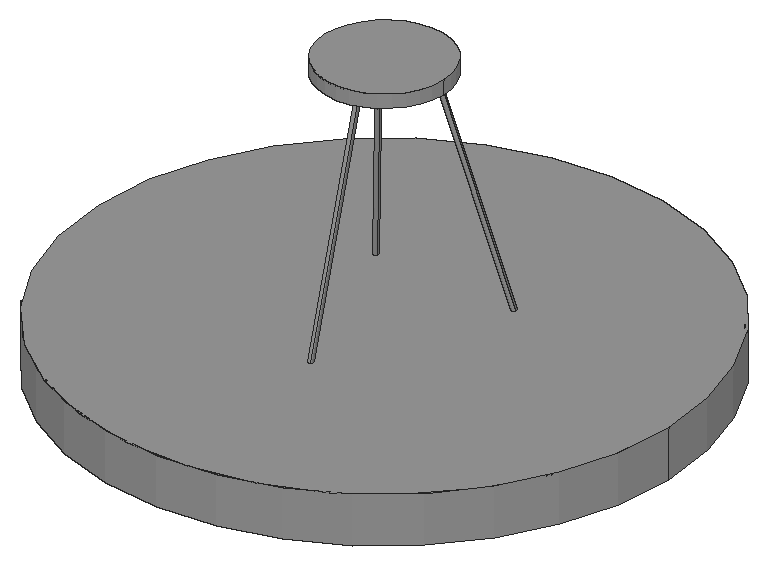
Revit family "METEOR_XXL_160W_4000K_12800LM", category Lighting Fixtures, host Ceiling, Revit 2021
Family settings
  Host = Ceiling
  Round Connector Dimension = Use Diameter
  Part Type = Normal
  OmniClass Number = 23.80.70.11
  OmniClass Title = Luminaries for Internal Lighting
  Always vertical = Yes
  Cut with Voids When Loaded = No
  Light Source = Yes
  Shared = No
  Room Calculation Point = No
Parameters (values of type "Type 1")
  Wattage = 86.1709 W
  built-in parameter 1150110 = 1 (stored number, unit not read)
  Type de lampe = "LED Hongli"
  Type = "Plafonnier"
  built-in parameter 1114217 = 1 (stored number, unit not read)
  Tilt Angle = 90.00°
  built-in parameter 1150109 = 1 (stored number, unit not read)
  built-in parameter 1150134 = 12
  built-in parameter 1150113 = 1 (stored number, unit not read)
  Puissance nominale = "160W (4x40W)"
  Photometric Web File = "google_eulumdat_converter (24).ies"
  Matériau = "Corps en métal"
  Lumens = 12800 lm
  built-in parameter 1150115 = 1 (stored number, unit not read)
  built-in parameter 1150105 = 1018.6 (stored number, unit not read)
  built-in parameter 1150137 = (empty or 0)
  built-in parameter 1150139 = (empty or 0)
  built-in parameter 1150112 = 1 (stored number, unit not read)
  built-in parameter 1150114 = 1 (stored number, unit not read)
  built-in parameter 1150132 = 2
  built-in parameter 1150102 = (empty or 0)
  built-in parameter 1150138 = (empty or 0)
  built-in parameter 1150107 = 4000 (stored number, unit not read)
  built-in parameter 1150106 = 10.186 (stored number, unit not read)
  IRC = ">80"
  Fintion = "Blanc"
  built-in parameter 1150104 = 13.8 (stored number, unit not read)
  Driver = "Lifud No Flicker (4 pcs)"
  Dimming Lamp Color Temperature Shift = <None>
  Dimensions = "Ø1200 mm, H : 98 mm"
  Diffuseur = "Acrylique"
  Default Elevation = 0 mm
  Color Filter = 16777215
  built-in parameter 1114218 = 1 (stored number, unit not read)
  built-in parameter 1150133 = 10 (stored number, unit not read)
  Angle d'éclairage = "120°"
  Alimentation luminaire = "4x1050mA / 25-42V dc"
  Alimentation Driver = "AC 220-240V"
Reference planes
  plane 1 "Light Source Axis (F/B)": y = 0
  plane 2: z = 0
  plane 3 "Light Source Axis (L/R)": x = 0
  plane 4 "Ceiling": z = 4000
  plane 5 "Light Source Elevation": z = 3411.095
Forms (mm)
  Extrusion 1, solid, material "Metal, Paint Finish, White, Matte"
    sketch origin (0, 0, 4000) x (0, 1, 0) y (-1, 0, 0)
      loop
        circle (0, 0) r 125
    from 0 to -27
  Extrusion 2, solid, material "Metal, Paint Finish, White, Matte"
    sketch origin (0, 0, 4000) x (0, 1, 0) y (-1, 0, 0)
      loop
        circle (0, 0) r 600
    from -587 to -489
  Extrusion 3, void
    sketch origin (0, 0, 4000) x (0, 1, 0) y (-1, 0, 0)
      loop
        circle (0, 0) r 595
    from -678.449 to -509.32
  Extrusion 4, solid, material "Glass, White, High Luminance"
    sketch origin (0, 0, 4000) x (0, 1, 0) y (-1, 0, 0)
      loop
        circle (0, 0) r 595
    from -587 to -582.901
  Blend 5, solid, material "Metal, Paint Finish, White, Matte"
    base sketch origin (-2.103, -0.495, 4000) x (0, 1, 0) y (-1, 0, 0)
      loop
        circle (155.393, 140.306) r 5
    top sketch origin (-2.103, -0.495, 4000) x (0, 1, 0) y (-1, 0, 0)
      loop
        circle (55.742, 54.078) r 5
    from -489 to -27
  Blend 6, solid, material "Metal, Paint Finish, White, Matte"
    base sketch origin (12.712, -5.011, 4000) x (0, -1, 0) y (1, 0, 0)
      loop
        circle (-155.393, 140.306) r 5
    top sketch origin (12.712, -5.011, 4000) x (0, -1, 0) y (1, 0, 0)
      loop
        circle (-55.742, 54.078) r 5
    from -489 to -27
  Blend 7, solid, material "Metal, Paint Finish, White, Matte"
    base sketch origin (-5.947, 13.738, 4000) x (-0.645234, -0.763985, 0) y (0.763985, -0.645234, 0)
      loop
        circle (155.393, 140.306) r 5
    top sketch origin (-5.947, 13.738, 4000) x (-0.645234, -0.763985, 0) y (0.763985, -0.645234, 0)
      loop
        circle (55.742, 54.078) r 5
    from -489 to -27
Cuts and joins
  Extrusion 3 cuts Extrusion 2
Lines and regions (mm)
  reference lines
    curve 1: line (0, 0, 4000) -> (0, 0, 3973)
    curve 2: line (0, 0, 3973) -> (-40, 0, 3973)
    curve 3: line (0, 0, 3413) -> (0, 0, 3511)
Dimensions and locks
  equal spacing: host sketch curve, plane 3 "Light Source Axis (L/R)", host sketch curve
  equal spacing: host sketch curve, plane 1 "Light Source Axis (F/B)", host sketch curve
  host sketch curve to host sketch curve = 4000 mm  (x2)
  plane 4 "Ceiling" to host ceiling = 0 mm
  aligned and locked: plane 5 "Light Source Elevation" to imposter light
